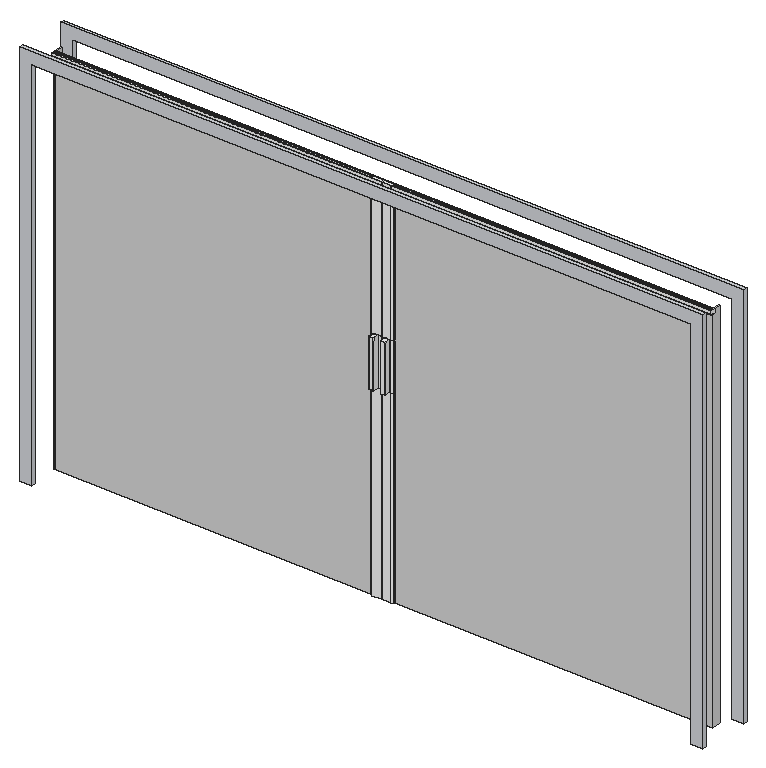
Revit family "Woodfold-Accordion-Door-Family-Series-3300-Acoustic", category Doors, host Wall, Revit 2026
Family settings
  Host = Wall
  Always vertical = Yes
  Cut with Voids When Loaded = No
  Shared = No
  Room Calculation Point = No
Parameters (values of type "8'-0" x 14'-0" Surface Track w/Keylock")
  URL = "www.woodfold.com"
  Type Comments = "Width: No limitation.  Height:Clear up to 10'-1\", Braonze and Gold up to 8'-1\""
  Track Material = Metal - Aluminum
  Surface Track = yes
  Surface Jamb = yes
  Stack Dimension = 0.05205 * Width + 0' 2 3/4"  # 0' - 11.4944"
  Sliding Jamb = no
  Recessed Track = no
  Panel Material = Woodfold - Aluminum - Clear
  Panel Connectors = "Rigid Vinyl with steel rods"
  Model = "740"
  Manufacturer = "Woodfold Mfg., Inc."
  Lead Post = Metal - Aluminum
  Hardware Type = "Keylock two-sides"
  Function = Interior
  Frame Visibility = yes
  Frame Projection Ext. = 0' - 1"
  Frame Projection Int. = 0' - 1"
  Frame Width = 0' - 3"
  Height = 8' - 0"
  Wall Closure = By host
  Width = 14' - 0"
  Description = "Alumifold security door"
  Assembly Code = ""
Reference planes (in)
  plane 1 "Center (Front/Back)": y = 0
  plane 2 "Center (Left/Right)": x = 0
  plane 3 "Left": x = -84
  plane 4 "Right": x = 84
  plane 5 "Top": z = 96
  plane 6 "Stack End": x = -72.5056
  plane 7 "Middle": z = 48
  plane 8: x = 72.5056
Forms (in)
  Extrusion 1, solid, visible <- "Frame Visibility"
    sketch origin (-90, 6, 0) x (-1, 0, 0) y (0, 0, 1)
      loop
        line (-174, 96) -> (-6, 96) -> (-6, 0) -> (-3, 0) -> (-3, 99) -> (-177, 99) -> (-177, 0) -> (-174, 0) -> (-174, 96)
    from 0 to 1
  Extrusion 2, solid, visible <- "Frame Visibility"
    sketch origin (-90, -6, 0) x (1, 0, 0) y (0, 0, 1)
      loop
        line (6, 0) -> (6, 96) -> (174, 96) -> (174, 0) -> (177, 0) -> (177, 99) -> (3, 99) -> (3, 0) -> (6, 0)
    from 0 to 1
  Extrusion 3, solid, material "Woodfold - Aluminum - Clear" <- "Panel Material"
    sketch origin (0, 0, 0) x (1, 0, 0) y (0, 1, 0)
      loop
        line (-83.75, 0.125) -> (-83.75, 2.22718) -> (-84, 2.22718) -> (-84, -0.125) -> (-2.97625, -0.125) -> (-2.97625, 0.125) -> (-83.75, 0.125)
    from 0.64608 to 96
  Extrusion 4, solid, not visible
    sketch origin (72, 0, 0) x (-1, 0, 0) y (0, -1, 0)
      loop
        line (73.03953, -0.25) -> (73.6875, -0.25) -> (73.46176, -1.60445)
        arc (73.46176, -1.60445) -> (73.48968, -1.7058) -> (73.58506, -1.75) r 0.125
        line (73.58506, -1.75) -> (74.53994, -1.75)
        arc (74.53994, -1.75) -> (74.63532, -1.7058) -> (74.66324, -1.60445) r 0.125
        line (74.66324, -1.60445) -> (74.4375, -0.25) -> (75.375, -0.25)
        arc (75.375, -0.25) -> (75.53781, -0.17869) -> (75.59324, -0.00981) r 0.21774
        arc (75.59324, -0.00981) -> (75.43033, -0.06273) -> (75.5, 0.09375) r 0.09375
        arc (75.5, 0.09375) -> (75.51562, 0.10937) -> (75.5, 0.125) r 0.01562
        line (75.5, 0.125) -> (75.41445, 0.125) -> (75.03945, 0.5) -> (74.4375, 0.5) -> (74.66324, 1.85445)
        arc (74.66324, 1.85445) -> (74.63532, 1.9558) -> (74.53994, 2) r 0.125
        line (74.53994, 2) -> (73.58506, 2)
        arc (73.58506, 2) -> (73.48968, 1.9558) -> (73.46176, 1.85445) r 0.125
        line (73.46176, 1.85445) -> (73.6875, 0.5) -> (73.03953, 0.5) -> (73.03953, 0.63818) -> (72.625, 0.63818) -> (72.625, -0.38818) -> (73.03953, -0.38818) -> (73.03953, -0.25)
    from 0.5 to 96
  Extrusion 5, solid, material "Woodfold - Aluminum - Clear" <- "Panel Material"
    sketch origin (0, 0, 0) x (-1, 0, 0) y (0, -1, 0)
      loop
        line (-83.75, -0.125) -> (-2.97625, -0.125) -> (-2.97625, 0.125) -> (-84, 0.125) -> (-84, -2.22718) -> (-83.75, -2.22718) -> (-83.75, -0.125)
    from 0.64608 to 96
  Extrusion 6, solid, material "Metal - Aluminum" <- "Lead Post"
    sketch origin (-36, 0, -0.02108) x (1, 0, 0) y (0, 1, 0)
      loop
        line (36, 0.25) -> (34.9375, 0.25) -> (35.16324, 1.60445)
        arc (35.16324, 1.60445) -> (35.13532, 1.7058) -> (35.03994, 1.75) r 0.125
        line (35.03994, 1.75) -> (34.08506, 1.75)
        arc (34.08506, 1.75) -> (33.98968, 1.7058) -> (33.96176, 1.60445) r 0.125
        line (33.96176, 1.60445) -> (34.1875, 0.25) -> (33.25, 0.25)
        arc (33.25, 0.25) -> (33.08719, 0.17869) -> (33.03176, 0.00981) r 0.21774
        arc (33.03176, 0.00981) -> (33.19467, 0.06273) -> (33.125, -0.09375) r 0.09375
        arc (33.125, -0.09375) -> (33.10937, -0.10937) -> (33.125, -0.125) r 0.01562
        line (33.125, -0.125) -> (33.21055, -0.125) -> (33.58555, -0.5) -> (34.1875, -0.5) -> (33.96176, -1.85445)
        arc (33.96176, -1.85445) -> (33.98968, -1.9558) -> (34.08506, -2) r 0.125
        line (34.08506, -2) -> (35.03994, -2)
        arc (35.03994, -2) -> (35.13532, -1.9558) -> (35.16324, -1.85445) r 0.125
        line (35.16324, -1.85445) -> (34.9375, -0.5) -> (36, -0.5) -> (36, 0.25)
    from 48.64608 to 60.64608
  Extrusion 7, solid, material "Metal - Aluminum" <- "Lead Post"
    sketch origin (-36, 0, -18.02108) x (1, 0, 0) y (0, 1, 0)
      loop
        arc (33.25, 0.25) -> (33.08719, 0.17869) -> (33.03176, 0.00981) r 0.21774
        arc (33.03176, 0.00981) -> (33.19467, 0.06273) -> (33.125, -0.09375) r 0.09375
        arc (33.125, -0.09375) -> (33.10937, -0.10937) -> (33.125, -0.125) r 0.01562
        line (33.125, -0.125) -> (33.21055, -0.125) -> (33.58555, -0.5) -> (36, -0.5) -> (36, 0.25) -> (33.25, 0.25)
    from 18.64608 to 66.64608
  Extrusion 8, solid, material "Metal - Aluminum" <- "Lead Post"
    sketch origin (-36, 0, 41.97892) x (1, 0, 0) y (0, 1, 0)
      loop
        arc (33.25, 0.25) -> (33.08719, 0.17869) -> (33.03176, 0.00981) r 0.21774
        arc (33.03176, 0.00981) -> (33.19467, 0.06273) -> (33.125, -0.09375) r 0.09375
        arc (33.125, -0.09375) -> (33.10937, -0.10937) -> (33.125, -0.125) r 0.01562
        line (33.125, -0.125) -> (33.21055, -0.125) -> (33.58555, -0.5) -> (36, -0.5) -> (36, 0.25) -> (33.25, 0.25)
    from 18.64608 to 54.02108
  Extrusion 9, solid, material "Metal - Aluminum" <- "Lead Post"
    sketch origin (36, 0, -0.02108) x (-1, 0, 0) y (0, -1, 0)
      loop
        line (36, -0.25) -> (36, 0.5) -> (34.9375, 0.5) -> (35.16324, 1.85445)
        arc (35.16324, 1.85445) -> (35.13532, 1.9558) -> (35.03994, 2) r 0.125
        line (35.03994, 2) -> (34.08506, 2)
        arc (34.08506, 2) -> (33.98968, 1.9558) -> (33.96176, 1.85445) r 0.125
        line (33.96176, 1.85445) -> (34.1875, 0.5) -> (33.58555, 0.5) -> (33.21055, 0.125) -> (33.125, 0.125)
        arc (33.125, 0.125) -> (33.10937, 0.10937) -> (33.125, 0.09375) r 0.01562
        arc (33.125, 0.09375) -> (33.19467, -0.06273) -> (33.03176, -0.00981) r 0.09375
        arc (33.03176, -0.00981) -> (33.08719, -0.17869) -> (33.25, -0.25) r 0.21774
        line (33.25, -0.25) -> (34.1875, -0.25) -> (33.96176, -1.60445)
        arc (33.96176, -1.60445) -> (33.98968, -1.7058) -> (34.08506, -1.75) r 0.125
        line (34.08506, -1.75) -> (35.03994, -1.75)
        arc (35.03994, -1.75) -> (35.13532, -1.7058) -> (35.16324, -1.60445) r 0.125
        line (35.16324, -1.60445) -> (34.9375, -0.25) -> (36, -0.25)
    from 48.64608 to 60.64608
  Extrusion 10, solid, material "Metal - Aluminum" <- "Lead Post"
    sketch origin (36, 0, -18.02108) x (-1, 0, 0) y (0, -1, 0)
      loop
        line (33.25, -0.25) -> (36, -0.25) -> (36, 0.5) -> (33.58555, 0.5) -> (33.21055, 0.125) -> (33.125, 0.125)
        arc (33.125, 0.125) -> (33.10937, 0.10937) -> (33.125, 0.09375) r 0.01562
        arc (33.125, 0.09375) -> (33.19467, -0.06273) -> (33.03176, -0.00981) r 0.09375
        arc (33.03176, -0.00981) -> (33.08719, -0.17869) -> (33.25, -0.25) r 0.21774
    from 18.64608 to 66.64608
  Extrusion 11, solid, material "Metal - Aluminum" <- "Lead Post"
    sketch origin (36, 0, 41.97892) x (-1, 0, 0) y (0, -1, 0)
      loop
        line (33.25, -0.25) -> (36, -0.25) -> (36, 0.5) -> (33.58555, 0.5) -> (33.21055, 0.125) -> (33.125, 0.125)
        arc (33.125, 0.125) -> (33.10937, 0.10937) -> (33.125, 0.09375) r 0.01562
        arc (33.125, 0.09375) -> (33.19467, -0.06273) -> (33.03176, -0.00981) r 0.09375
        arc (33.03176, -0.00981) -> (33.08719, -0.17869) -> (33.25, -0.25) r 0.21774
    from 18.64608 to 54.02108
  Sweep 12, solid, material "Metal - Aluminum" <- "Track Material", visible <- "Surface Track"
    path origin (0, 0, 0) x (1, 0, 0) y (0, 0, 1)
      loop
        line (84, 96) -> (-84, 96)
    profile origin (0, 0, 96) x (0, 0, -1) y (0, -1, 0)
      loop
        line (0.78289, -0.15789) -> (0.78289, 0.15789) -> (0.9375, 0.3125) -> (0.9375, 0.4375) -> (0.8125, 0.5625) -> (0, 0.5625) -> (0, -0.5625) -> (0.8125, -0.5625) -> (0.9375, -0.4375) -> (0.9375, -0.3125) -> (0.78289, -0.15789)
Lines and regions (in)
  Opening 1
    outline origin (-90, -6, 0) x (1, 0, 0) y (0, 0, 1)
      loop
        line (6, 0) -> (174, 0) -> (174, 96) -> (6, 96) -> (6, 0)
  symbolic lines, style "Elevation Swing"
    curve 1: line (0, 0, 0) -> (-84, 0, 48)
    curve 2: line (-84, 0, 48) -> (0, 0, 96)
    curve 3: line (0, 0, 96) -> (84, 0, 48)
    curve 4: line (84, 0, 48) -> (0, 0, 0)
Text (in)
  text "Exterior" at (-74.96733, 27.31104, 0), in view "Ref. Level"
  text "Interior" at (-74.96733, -25.14366, 0), in view "Ref. Level"
  text "Exterior" at (0, 40.15149, 123.01588), in view "Right"
  text "Interior" at (0, -64.39139, 123.01588), in view "Right"
  text "Interior" at (0, -31.01599, 123.00693), in view "Left"
  text "Exterior" at (0, 54.57065, 123.00693), in view "Left"
Dimensions and locks (in)
  equal spacing: plane 3 "Left", plane 2 "Center (Left/Right)", plane 4 "Right"
  "Height": level to plane 5 "Top"
  "Width": plane 3 "Left" to plane 4 "Right"
  "Frame Width": Extrusion 2 sketch curve to plane 3 "Left"
  "Frame Width": Extrusion 2 sketch curve to plane 4 "Right"
  "Frame Width": Extrusion 2 sketch curve to plane 5 "Top"
  "Frame Width": Extrusion 1 sketch curve to Extrusion 1 sketch curve  (x2)
  "Frame Width": Extrusion 1 sketch curve to plane 5 "Top"
  host wall to plane 5 "Top" = 8' - 0"
  "Frame Projection Int.": Extrusion 2 to host wall
  "Frame Projection Ext.": Extrusion 1 to host wall
  level to Extrusion 3 = 0' - 0.64608"
  "Stack Dimension": plane 3 "Left" to plane 6 "Stack End"
  equal spacing: level, plane 7 "Middle", plane 5 "Top"
  "Stack Dimension": plane 8 to plane 4 "Right"
  aligned and locked: plane 3 "Left" to Opening 1 sketch curve
  aligned and locked: plane 5 "Top" to Opening 1 sketch curve
  aligned and locked: Opening 1 sketch curve to plane 5 "Top"
  aligned and locked: Opening 1 sketch curve to plane 4 "Right"
  aligned and locked: Opening 1 sketch curve to level
  aligned and locked: Extrusion 1 sketch curve to plane 5 "Top"
  aligned and locked: plane 5 "Top" to Extrusion 1 sketch curve
  aligned and locked: plane 3 "Left" to Extrusion 1 sketch curve
  aligned and locked: Extrusion 1 sketch curve to plane 3 "Left"
  aligned and locked: level to Extrusion 1 sketch curve
  aligned and locked: plane 4 "Right" to Extrusion 1 sketch curve
  aligned and locked: Extrusion 1 to host wall
  aligned and locked: plane 3 "Left" to Extrusion 2 sketch curve
  aligned and locked: Extrusion 2 sketch curve to plane 5 "Top"
  aligned and locked: plane 5 "Top" to Extrusion 2 sketch curve
  aligned and locked: plane 4 "Right" to Extrusion 2 sketch curve  (x2)
  aligned and locked: level to Extrusion 2 sketch curve
  aligned and locked: Extrusion 2 sketch curve to level
  aligned and locked: Extrusion 2 to host wall
  aligned and locked: nested 1 to plane 3 "Left"
  aligned and locked: nested 2 to plane 6 "Stack End"
  aligned and locked: nested 3 to nested 2
  aligned and locked: nested 3 to plane 3 "Left"
  aligned and locked: plane 5 "Top" to nested 4
  aligned and locked: level to nested 4
  aligned and locked: Extrusion 3 to nested 4
  aligned and locked: level to nested 5
  aligned and locked: nested 6 to plane 3 "Left"
  aligned and locked: nested 9 to plane 4 "Right"
  aligned and locked: nested 8 to plane 4 "Right"
  aligned and locked: Extrusion 5 to plane 5 "Top"
  aligned and locked: Extrusion 3 to plane 5 "Top"
  aligned and locked: nested 8 to nested 7
  aligned and locked: plane 8 to nested 7
  aligned and locked: plane 5 "Top" to nested 5
  aligned and locked: Extrusion 6 to Extrusion 7
  aligned and locked: Extrusion 8 to Extrusion 6
  aligned and locked: Extrusion 8 to plane 5 "Top"
  aligned and locked: Extrusion 10 to Extrusion 9
  aligned and locked: Extrusion 9 to Extrusion 11
  aligned and locked: Extrusion 11 to plane 5 "Top"
  aligned and locked: Sweep 12 sketch curve to plane 5 "Top"
  aligned and locked: plane 4 "Right" to Sweep 12 sketch curve
  aligned and locked: plane 3 "Left" to Sweep 12 sketch curve
Automatic sketch dimensions
  Extrusion 4 sketch curve to Extrusion 4 sketch curve = 0' - 0.09324"
  Extrusion 4 sketch curve to Extrusion 4 sketch curve = 0' - 0.08555"
  Extrusion 4 sketch curve to Extrusion 4 sketch curve = 0' - 0.12335"
  Extrusion 4 sketch curve to Extrusion 4 sketch curve = 0' - 0.00165"
  Extrusion 4 sketch curve to Extrusion 4 sketch curve = 0' - 0 3/8"  (x2)
  Extrusion 4 sketch curve to Extrusion 4 sketch curve = 0' - 0 1/64"
  Extrusion 4 sketch curve to Extrusion 4 sketch curve = 0' - 0"  (x3)
  Extrusion 4 sketch curve to Extrusion 4 sketch curve = 0' - 0.71176"
  Extrusion 4 sketch curve to Extrusion 4 sketch curve = 0' - 0 15/16"
  Extrusion 4 sketch curve to Extrusion 4 sketch curve = 0' - 0 3/4"  (x3)
  Extrusion 4 sketch curve to Extrusion 4 sketch curve = 0' - 0.95488"  (x2)
  Extrusion 4 sketch curve to Extrusion 4 sketch curve = 0' - 0.1233"  (x3)
  Extrusion 4 sketch curve to Extrusion 4 sketch curve = 0' - 0.02055"  (x4)
  Extrusion 4 sketch curve to Extrusion 4 sketch curve = 0' - 0.37621"
  Extrusion 4 sketch curve to Extrusion 4 sketch curve = 0' - 0.60195"
  Extrusion 4 sketch curve to Extrusion 4 sketch curve = 0' - 0.13818"  (x2)
  Extrusion 4 sketch curve to Extrusion 4 sketch curve = 0' - 0.64797"  (x2)
  Extrusion 4 sketch curve to Extrusion 4 sketch curve = 0' - 0.41453"
  Extrusion 4 sketch curve to Extrusion 4 sketch curve = 0' - 1.21627"
  Extrusion 4 sketch curve to Extrusion 4 sketch curve = 0' - 0 3/32"
  Extrusion 4 sketch curve to Extrusion 4 sketch curve = 0' - 0.03226"
  Extrusion 4 sketch curve to Extrusion 4 sketch curve = 0' - 1.35445"
  Extrusion 1 sketch curve to level = 0' - 0"
  Extrusion 2 sketch curve to level = 0' - 0"
  Extrusion 3 sketch curve to plane 3 "Left" = 0' - 0"
  Extrusion 3 sketch curve to plane 3 "Left" = 0' - 0 1/4"
  host wall to Extrusion 3 sketch curve = 0' - 0 1/8"
  Extrusion 3 sketch curve to plane 2 "Center (Left/Right)" = 0' - 2.97625"
  Extrusion 3 sketch curve to host wall = 0' - 0 1/8"
  Extrusion 3 sketch curve to Extrusion 3 sketch curve = 0' - 2.10218"
  curve 1 to plane 3 "Left" = 0' - 0"
  curve 2 to plane 2 "Center (Left/Right)" = 0' - 0"
  curve 4 to level = 0' - 0"
  curve 4 to plane 2 "Center (Left/Right)" = 0' - 0"
  curve 4 to plane 4 "Right" = 0' - 0"
  curve 2 to plane 7 "Middle" = 0' - 0"
  curve 4 to plane 7 "Middle" = 0' - 0"
  curve 3 to plane 5 "Top" = 0' - 0"
  Extrusion 5 sketch curve to plane 4 "Right" = 0' - 0"
  Extrusion 5 sketch curve to Extrusion 5 sketch curve = 0' - 0 1/4"
  Extrusion 5 sketch curve to host wall = 0' - 0 1/8"
  Extrusion 5 sketch curve to plane 2 "Center (Left/Right)" = 0' - 2.97625"
  host wall to Extrusion 5 sketch curve = 0' - 0 1/8"
  Extrusion 5 sketch curve to Extrusion 5 sketch curve = 0' - 2.10218"
  Extrusion 6 sketch curve to host wall = 0' - 0"
  Extrusion 6 sketch curve to plane 2 "Center (Left/Right)" = 0' - 0"
  Extrusion 6 sketch curve to plane 2 "Center (Left/Right)" = 0' - 0.83676"  (x2)
  Extrusion 6 sketch curve to Extrusion 6 sketch curve = 0' - 0.1233"  (x4)
  Extrusion 6 sketch curve to host wall = 0' - 0 1/4"  (x2)
  Extrusion 6 sketch curve to Extrusion 6 sketch curve = 0' - 1 1/16"
  host wall to Extrusion 6 sketch curve = 0' - 0 1/2"  (x2)
  Extrusion 6 sketch curve to Extrusion 6 sketch curve = 0' - 0"  (x4)
  Extrusion 6 sketch curve to Extrusion 6 sketch curve = 0' - 0 3/4"
  Extrusion 6 sketch curve to Extrusion 6 sketch curve = 0' - 0.95488"  (x2)
  Extrusion 6 sketch curve to Extrusion 6 sketch curve = 0' - 0.60195"
  Extrusion 6 sketch curve to Extrusion 6 sketch curve = 0' - 0.33555"
  Extrusion 6 sketch curve to host wall = 0' - 0.03226"
  Extrusion 6 sketch curve to Extrusion 6 sketch curve = 0' - 0.00165"
  Extrusion 6 sketch curve to Extrusion 6 sketch curve = 0' - 0.0378"
  Extrusion 6 sketch curve to Extrusion 6 sketch curve = 0' - 0.08555"
  Extrusion 6 sketch curve to host wall = 0' - 0.00981"
  Extrusion 6 sketch curve to Extrusion 6 sketch curve = 0' - 1.35445"  (x2)
  Extrusion 6 sketch curve to Extrusion 6 sketch curve = 0' - 0.02055"  (x2)
  Extrusion 6 sketch curve to Extrusion 6 sketch curve = 0' - 0 1/32"
  Extrusion 6 sketch curve to Extrusion 6 sketch curve = 0' - 0 1/64"
  Extrusion 7 sketch curve to host wall = 0' - 0"
  Extrusion 7 sketch curve to plane 2 "Center (Left/Right)" = 0' - 0"
  host wall to Extrusion 7 sketch curve = 0' - 0 1/2"
  Extrusion 7 sketch curve to Extrusion 7 sketch curve = 0' - 2.41445"
  Extrusion 7 sketch curve to host wall = 0' - 0 1/4"
  Extrusion 7 sketch curve to Extrusion 7 sketch curve = 0' - 0.33555"
  Extrusion 7 sketch curve to host wall = 0' - 0.03226"
  Extrusion 7 sketch curve to Extrusion 7 sketch curve = 0' - 0.00165"
  host wall to Extrusion 7 sketch curve = 0' - 0 1/8"
  Extrusion 7 sketch curve to Extrusion 7 sketch curve = 0' - 0.0378"
  Extrusion 7 sketch curve to Extrusion 7 sketch curve = 0' - 0.08555"
  Extrusion 7 sketch curve to host wall = 0' - 0.00981"
  Extrusion 7 sketch curve to Extrusion 7 sketch curve = 0' - 0 1/64"
  Extrusion 8 sketch curve to host wall = 0' - 0"
  Extrusion 8 sketch curve to plane 2 "Center (Left/Right)" = 0' - 0"
  host wall to Extrusion 8 sketch curve = 0' - 0 1/2"
  Extrusion 8 sketch curve to Extrusion 8 sketch curve = 0' - 2.41445"
  Extrusion 8 sketch curve to host wall = 0' - 0 1/4"
  Extrusion 8 sketch curve to Extrusion 8 sketch curve = 0' - 0.33555"
  Extrusion 8 sketch curve to host wall = 0' - 0.03226"
  Extrusion 8 sketch curve to Extrusion 8 sketch curve = 0' - 0.00165"
  host wall to Extrusion 8 sketch curve = 0' - 0 1/8"
  Extrusion 8 sketch curve to Extrusion 8 sketch curve = 0' - 0.0378"
  Extrusion 8 sketch curve to Extrusion 8 sketch curve = 0' - 0.08555"
  Extrusion 8 sketch curve to host wall = 0' - 0.00981"
  Extrusion 8 sketch curve to Extrusion 8 sketch curve = 0' - 0 1/64"
  Extrusion 9 sketch curve to host wall = 0' - 0"
  Extrusion 9 sketch curve to plane 2 "Center (Left/Right)" = 0' - 0"
  plane 2 "Center (Left/Right)" to Extrusion 9 sketch curve = 0' - 0.83676"  (x2)
  Extrusion 9 sketch curve to Extrusion 9 sketch curve = 0' - 0.1233"  (x4)
  Extrusion 9 sketch curve to host wall = 0' - 0 1/4"  (x2)
  Extrusion 9 sketch curve to Extrusion 9 sketch curve = 0' - 1 1/16"
  host wall to Extrusion 9 sketch curve = 0' - 0 1/2"  (x2)
  Extrusion 9 sketch curve to Extrusion 9 sketch curve = 0' - 0"  (x4)
  Extrusion 9 sketch curve to Extrusion 9 sketch curve = 0' - 0 3/4"  (x2)
  Extrusion 9 sketch curve to Extrusion 9 sketch curve = 0' - 0.95488"  (x2)
  Extrusion 9 sketch curve to Extrusion 9 sketch curve = 0' - 0.60195"
  Extrusion 9 sketch curve to Extrusion 9 sketch curve = 0' - 0.33555"
  Extrusion 9 sketch curve to host wall = 0' - 0.03226"
  Extrusion 9 sketch curve to Extrusion 9 sketch curve = 0' - 0.00165"
  Extrusion 9 sketch curve to Extrusion 9 sketch curve = 0' - 0.0378"
  Extrusion 9 sketch curve to Extrusion 9 sketch curve = 0' - 0.08555"
  Extrusion 9 sketch curve to host wall = 0' - 0.00981"
  Extrusion 9 sketch curve to Extrusion 9 sketch curve = 0' - 1.35445"  (x2)
  Extrusion 9 sketch curve to Extrusion 9 sketch curve = 0' - 0.02055"  (x2)
  Extrusion 9 sketch curve to Extrusion 9 sketch curve = 0' - 0 1/64"
  Extrusion 10 sketch curve to host wall = 0' - 0"
  Extrusion 10 sketch curve to plane 2 "Center (Left/Right)" = 0' - 0"
  host wall to Extrusion 10 sketch curve = 0' - 0 1/2"
  Extrusion 10 sketch curve to Extrusion 10 sketch curve = 0' - 2.41445"
  Extrusion 10 sketch curve to host wall = 0' - 0 1/4"
  Extrusion 10 sketch curve to Extrusion 10 sketch curve = 0' - 0.33555"
  Extrusion 10 sketch curve to host wall = 0' - 0.03226"
  Extrusion 10 sketch curve to Extrusion 10 sketch curve = 0' - 0.00165"
  host wall to Extrusion 10 sketch curve = 0' - 0 1/8"
  Extrusion 10 sketch curve to Extrusion 10 sketch curve = 0' - 0.0378"
  Extrusion 10 sketch curve to Extrusion 10 sketch curve = 0' - 0.08555"
  Extrusion 10 sketch curve to host wall = 0' - 0.00981"
  Extrusion 10 sketch curve to Extrusion 10 sketch curve = 0' - 0"
  Extrusion 11 sketch curve to host wall = 0' - 0"
  Extrusion 11 sketch curve to plane 2 "Center (Left/Right)" = 0' - 0"
  host wall to Extrusion 11 sketch curve = 0' - 0 1/2"
  Extrusion 11 sketch curve to Extrusion 11 sketch curve = 0' - 2.41445"
  Extrusion 11 sketch curve to host wall = 0' - 0 1/4"
  Extrusion 11 sketch curve to Extrusion 11 sketch curve = 0' - 0.33555"
  Extrusion 11 sketch curve to host wall = 0' - 0.03226"
  Extrusion 11 sketch curve to Extrusion 11 sketch curve = 0' - 0.00165"
  host wall to Extrusion 11 sketch curve = 0' - 0 1/8"
  Extrusion 11 sketch curve to Extrusion 11 sketch curve = 0' - 0.0378"
  Extrusion 11 sketch curve to Extrusion 11 sketch curve = 0' - 0.08555"
  Extrusion 11 sketch curve to host wall = 0' - 0.00981"
  Extrusion 11 sketch curve to Extrusion 11 sketch curve = 0' - 0"
  Sweep 12 sketch curve to profile plane = 0' - 0"
  Sweep 12 sketch curve to profile plane = 0' - 0.15789"
  Sweep 12 sketch curve to profile plane = 0' - 0.78289"
  Sweep 12 sketch curve to Sweep 12 sketch curve = 0' - 0.02961"  (x2)
  Sweep 12 sketch curve to profile plane = 0' - 0 7/16"
  Sweep 12 sketch curve to Sweep 12 sketch curve = 0' - 0 1/8"  (x5)
  Sweep 12 sketch curve to profile plane = 0' - 0 9/16"
  profile plane to Sweep 12 sketch curve = 0' - 0.15789"
  Sweep 12 sketch curve to Sweep 12 sketch curve = 0' - 0.15461"
Nested families (in)
  nested 1: "Detail - Jamb Plate" at (-84, 0, 0) x (0, 1, 0) z (0, 0, 1), visible <- "Surface Jamb", type "Detail - Jamb Plate"
  nested 2: "Detail Lead Post" at (-75.17005, -0.125, 0), type "Detail Lead Post", detail levels medium+fine
  nested 3: "Detail - Stacked Panels" at (-84, 0, 0), type "Detail - Stacked Panels"
    with built-in parameter 1001306 0.7287 (stored number, unit not read)
  nested 4: "Detail - Panel Section" at (0, 0, 96) x (0, 0, -1) z (1, 0, 0), visible <- "Surface Track", type "Detail - Panel Section"
    with Panel Finish yes, built-in parameter 1001306 8 (stored number, unit not read)
  nested 5: "Detail - Panel Section - Recessed Track" at (0, 0, 96) x (0, 0, -1) z (1, 0, 0), visible <- "Recessed Track", type "Detail - Panel Section"
    with Panel Finish yes, built-in parameter 1001306 8 (stored number, unit not read)
  nested 6: "Detail - Recessed Jamb" at (-84, -0.13103, 0), visible <- "Sliding Jamb", type "Detail - Recessed Jamb"
  nested 7: "Detail Lead Post" at (75.29505, -0.125, 0) x (-1, 0, 0) z (0, 0, 1), type "Detail Lead Post", detail levels medium+fine
  nested 8: "Detail - Stacked Panels" at (84, 0, 0) x (-1, 0, 0) z (0, 0, 1), type "Detail - Stacked Panels"
    with built-in parameter 1001306 0.71828 (stored number, unit not read)
  nested 9: "Detail - Recessed Jamb" at (84, -0.13103, 0) x (-1, 0, 0) z (0, 0, 1), visible <- "Sliding Jamb", type "Detail - Recessed Jamb"
Definition of nested family "Detail - Jamb Plate"
  Parameters
    Assembly Code = ""
  Reference planes (in)
    plane 1 "Center (Front/Back)": y = 0
    plane 2: z = 0
    plane 3 "Center (Left/Right)": x = 0
  Lines and regions (in)
    Filled region 1, type "Steel", in view "Ref. Level"
      outline origin (0, 0, 0) x (1, 0, 0) y (0, 1, 0)
        loop
          line (0, 0) -> (1.75, 0) -> (1.75, 0.25) -> (0, 0.25) -> (0, 0)
  Nested families (in)
    nested 1: "Wood Screw" at (0.875, -0.75, 0), type "Wood Screw", in view "Ref. Level"
  Definition of nested family "Wood Screw"
    Parameters
      Length = 0' - 1"
    Reference planes (in)
      plane 1 "Center (Front/Back)": y = 0
      plane 2: z = 0
      plane 3 "Center (Left/Right)": x = 0
      plane 4: y = 1
      plane 5: y = 0.875
    Lines and regions (in)
      detail lines, in view "Ref. Level"
        curve 1: line (-0.1875, 1, 0) -> (0.1875, 1, 0)
        curve 2: line (0.1875, 1, 0) -> (0.0625, 0.875, 0)
        curve 3: line (0.0625, 0.875, 0) -> (0.0625, 0.0625, 0)
        curve 4: line (0.0625, 0.0625, 0) -> (0, 0, 0)
        curve 5: line (-0.1875, 1, 0) -> (-0.0625, 0.875, 0)
        curve 6: line (-0.0625, 0.875, 0) -> (-0.0625, 0.0625, 0)
        curve 7: line (-0.0625, 0.0625, 0) -> (0, 0, 0)
      detail lines, in view "Ref. Level", not visible
        curve 8: line (-0.1875, 0.9375, 0) -> (0.1875, 0.9375, 0)
        curve 9: line (0.1875, 0.9375, 0) -> (0.0625, 0.8125, 0)
        curve 10: line (-0.1875, 0.9375, 0) -> (-0.0625, 0.8125, 0)
    Dimensions and locks (in)
      locked: plane 4 to plane 5 at 0.125
      "Length": plane 4 to plane 1 "Center (Front/Back)"
      aligned and locked: curve 1 to plane 4
      aligned and locked: plane 5 to curve 3
      aligned and locked: plane 5 to curve 6
    Automatic sketch dimensions
      curve 4 to plane 1 "Center (Front/Back)" = 0' - 0"
      curve 4 to plane 3 "Center (Left/Right)" = 0' - 0"
      curve 6 to plane 3 "Center (Left/Right)" = 0' - 0 1/16"
      plane 3 "Center (Left/Right)" to curve 4 = 0' - 0 1/16"
      curve 4 to plane 1 "Center (Front/Back)" = 0' - 0 1/16"
Definition of nested family "Detail Lead Post"
  Parameters
    Assembly Code = ""
  Reference planes (in)
    plane 1 "Center (Front/Back)": y = 0
    plane 2: z = 0
    plane 3 "Center (Left/Right)": x = 0
    plane 4 "Hinge Side": x = -0.08555
    plane 5 "Jamb Side": x = 2.78945
    plane 6: x = 2.66445
  Lines and regions (in)
    Filled region 1, type "Concrete Block", in view "Ref. Level"
      outline origin (0, 0, 0) x (1, 0, 0) y (0, 1, 0)
        loop
          line (2.66445, 0.375) -> (0.03945, 0.375)
          arc (0.03945, 0.375) -> (-0.12336, 0.30369) -> (-0.17879, 0.13481) r 0.21774
          arc (-0.17879, 0.13481) -> (-0.01588, 0.18773) -> (-0.08555, 0.03125) r 0.09375
          arc (-0.08555, 0.03125) -> (-0.10118, 0.01562) -> (-0.08555, 0) r 0.01562
          line (-0.08555, 0) -> (0, 0) -> (0.375, -0.375) -> (2.66445, -0.375) -> (2.66445, 0.375)
        loop
          line (0.12172, 0.05506) -> (0.42678, -0.25) -> (2.53945, -0.25) -> (2.53945, 0.25) -> (0.09397, 0.25)
          arc (0.09397, 0.25) -> (0.13102, 0.15583) -> (0.12172, 0.05506) r 0.21875
    detail lines, in view "Ref. Level"
      curve 1: line (0.97695, 0.375, 0) -> (0.75121, 1.72945, 0)
      curve 2: line (1.82939, 1.875, 0) -> (0.87451, 1.875, 0)
      curve 3: line (1.72695, 0.375, 0) -> (1.95269, 1.72945, 0)
      curve 4: line (0.97695, -0.375, 0) -> (0.75121, -1.72945, 0)
      curve 5: line (1.82939, -1.875, 0) -> (0.87451, -1.875, 0)
      curve 6: line (1.72695, -0.375, 0) -> (1.95269, -1.72945, 0)
      curve 7: arc (0.75121, -1.72945, 0) -> (0.77913, -1.8308, 0) -> (0.87451, -1.875, 0) r 0.125
      curve 8: arc (1.82939, -1.875, 0) -> (1.92477, -1.8308, 0) -> (1.95269, -1.72945, 0) r 0.125
      curve 9: arc (0.75121, 1.72945, 0) -> (0.77913, 1.8308, 0) -> (0.87451, 1.875, 0) r 0.125
      curve 10: arc (1.95269, 1.72945, 0) -> (1.92477, 1.8308, 0) -> (1.82939, 1.875, 0) r 0.125
      curve 11: line (2.66445, 0.375, 0) -> (0.03945, 0.375, 0)
      curve 12: arc (0.03945, 0.375, 0) -> (-0.12336, 0.30369, 0) -> (-0.17879, 0.13481, 0) r 0.21774
      curve 13: arc (-0.17879, 0.13481, 0) -> (-0.01588, 0.18773, 0) -> (-0.08555, 0.03125, 0) r 0.09375
      curve 14: arc (-0.08555, 0.03125, 0) -> (-0.10118, 0.01562, 0) -> (-0.08555, 0, 0) r 0.01562
      curve 15: line (-0.08555, 0, 0) -> (0, 0, 0)
      curve 16: line (0, 0, 0) -> (0.375, -0.375, 0)
      curve 17: line (0.375, -0.375, 0) -> (2.66445, -0.375, 0)
      curve 18: line (2.66445, -0.375, 0) -> (2.66445, 0.375, 0)
Definition of nested family "Detail - Stacked Panels"
  Parameters
    built-in parameter 1001306 [instance] = 2' - 0"
    Assembly Code = ""
  Reference planes (in)
    plane 1 "Center (Front/Back)": y = 0
    plane 2: z = 0
    plane 3 "Left": x = 0
    plane 4 "Right": x = 24
    plane 5: x = 0.25
  Lines and regions (in)
    Filled region 1, type "Panel Lines", in view "Ref. Level"
      outline origin (0.25, 0, 0) x (1, 0, 0) y (0, 1, 0)
        loop
          line (0, 2.25) -> (0, -2.25) -> (23.5, -2.25) -> (23.5, 2.25) -> (0, 2.25)
    Filled region 2, type "Panel Lines", in view "Ref. Level"
      outline origin (0, 0, 0) x (1, 0, 0) y (0, 1, 0)
        loop
          line (0.25, 2.25) -> (0.25, 0) -> (0, 0) -> (0, -2.25) -> (24, -2.25) -> (24, 0) -> (23.75, 0) -> (23.75, 2.25) -> (0.25, 2.25)
    reference lines, in view "Ref. Level"
      curve 1: line (0, 0, 0) -> (24, 0, 0)
      curve 2: line (0.25, -4, 0) -> (24, -4, 0)
    detail lines, in view "Ref. Level"
      curve 3: circle (24, 0, 0) r 0.125 normal (0, 0, 1)
  Dimensions and locks (in)
    "built-in parameter 1001306": plane 3 "Left" to plane 4 "Right"
    aligned and locked: plane 1 "Center (Front/Back)" to curve 1
    aligned and locked: plane 3 "Left" to curve 1
    aligned and locked: plane 5 to curve 2
    aligned and locked: plane 4 "Right" to curve 2
    aligned and locked: Filled region 1 to Filled region 2
    aligned and locked: plane 3 "Left" to Filled region 2 sketch curve
    aligned and locked: Filled region 2 sketch curve to plane 5
    aligned and locked: Filled region 1 to plane 5
  Automatic sketch dimensions
    curve 1 to plane 4 "Right" = 0' - 0"
    plane 1 "Center (Front/Back)" to curve 2 = 0' - 4"
    plane 5 to Filled region 1 sketch curve = 0' - 0"
    plane 4 "Right" to Filled region 1 sketch curve = 0' - 0 1/4"
    plane 1 "Center (Front/Back)" to Filled region 1 sketch curve = 0' - 2 1/4"
    Filled region 1 sketch curve to plane 1 "Center (Front/Back)" = 0' - 2 1/4"
    curve 3 to plane 1 "Center (Front/Back)" = 0' - 0"
    curve 3 to plane 4 "Right" = 0' - 0"
    Filled region 2 sketch curve to plane 1 "Center (Front/Back)" = 0' - 0"  (x2)
    Filled region 2 sketch curve to plane 4 "Right" = 0' - 0"
    plane 4 "Right" to Filled region 2 sketch curve = 0' - 0 1/4"
    Filled region 2 sketch curve to Filled region 2 sketch curve = 0' - 2 1/4"  (x2)
    radius of curve 3 = 0' - 0 1/8"
Definition of nested family "Detail - Panel Section"
  Parameters
    Panel Finish [instance] = yes
    built-in parameter 1001306 [instance] = 4' - 0"
  Reference planes (in)
    plane 1 "Center (Front/Back)": y = 0
    plane 2: z = 0
    plane 3 "Left": x = 0
    plane 4 "Right": x = 48
    plane 5: x = 46.955
  Lines and regions (in)
    Filled region 1, type "Wood - Finish", in view "Ref. Level", visible <- "Panel Finish"
      outline origin (-14.66362, 0, 0) x (0, 1, 0) y (-1, 0, 0)
        loop
          line (-2.22816, -16.27095) -> (-2.22816, -61.61862) -> (2.2317, -61.61862) -> (2.2317, -16.27095) -> (-2.22816, -16.27095)
    reference lines, in view "Ref. Level"
      curve 1: line (0, 0, 0) -> (48, 0, 0)
    detail lines, in view "Ref. Level"
      curve 2: arc (1.1875, -2.199, 0) -> (1.15228, -2.28802, 0) -> (1.1875, -2.37703, 0) r 0.13011
      curve 3: line (1.20858, -2.21839, 0) -> (1.20858, -2.35623, 0)
      curve 4: line (1.20858, -2.28816, 0) -> (1.52613, -2.28816, 0)
      curve 5: arc (1.48757, -2.22839, 0) -> (1.54757, -2.29208, 0) -> (1.60733, -2.22816, 0) r 0.06
      curve 6: line (1.2475, -2.25816, 0) -> (1.49343, -2.25816, 0)
      curve 7: line (1.48757, -2.22839, 0) -> (1.20858, -2.22816, 0)
      curve 8: line (46.99371, -2.28816, 0) -> (1.56879, -2.28816, 0)
      curve 9: line (46.96101, -2.25816, 0) -> (1.60149, -2.25816, 0)
      curve 10: line (1.48739, -2.17209, 0) -> (1.48739, -2.22839, 0)
      curve 11: line (1.1875, -2.17209, 0) -> (1.48739, -2.17209, 0)
      curve 12: line (1.1875, -2.40479, 0) -> (1.1875, 2.40479, 0)
      curve 13: arc (1.60733, -1.14507, 0) -> (1.58503, -1.18941, 0) -> (1.60733, -1.23375, 0) r 0.05523
      curve 14: arc (1.60733, -0.39507, 0) -> (1.58503, -0.43941, 0) -> (1.60733, -0.48375, 0) r 0.05523
      curve 15: arc (1.60733, 0.47493, 0) -> (1.58503, 0.43059, 0) -> (1.60733, 0.38625, 0) r 0.05523
      curve 16: arc (1.60733, 1.22493, 0) -> (1.58503, 1.18059, 0) -> (1.60733, 1.13625, 0) r 0.05523
      curve 17: arc (1.60733, 2.11585, 0) -> (1.59138, 2.14854, 0) -> (1.5575, 2.16176, 0) r 0.05
      curve 18: line (1.1875, 2.16176, 0) -> (1.5575, 2.16176, 0)
      curve 19: arc (1.48739, 1.34792, 0) -> (1.54739, 1.40792, 0) -> (1.48739, 1.46792, 0) r 0.06
      curve 20: arc (1.48739, 1.46792, 0) -> (1.42739, 1.40792, 0) -> (1.48739, 1.34792, 0) r 0.06
      curve 21: arc (1.48739, -1.44643, 0) -> (1.54739, -1.38643, 0) -> (1.48739, -1.32643, 0) r 0.06
      curve 22: arc (1.48739, -1.32643, 0) -> (1.42739, -1.38643, 0) -> (1.48739, -1.44643, 0) r 0.06
      curve 23: arc (1.1875, 2.199, 0) -> (1.15228, 2.28802, 0) -> (1.1875, 2.37703, 0) r 0.13011
      curve 24: line (1.20858, 2.21839, 0) -> (1.20858, 2.35623, 0)
      curve 25: line (1.20858, 2.29161, 0) -> (47.35392, 2.29161, 0)
      curve 26: line (1.24866, 2.26161, 0) -> (47.32358, 2.26161, 0)
      curve 27: line (1.60733, 2.22816, 0) -> (1.20858, 2.22816, 0)
      curve 28: arc (47.375, -2.199, 0) -> (47.41022, -2.28802, 0) -> (47.375, -2.37703, 0) r 0.13011
      curve 29: line (47.35392, -2.21839, 0) -> (47.35392, -2.35623, 0)
      curve 30: line (47.35392, -2.28816, 0) -> (47.03637, -2.28816, 0)
      curve 31: arc (47.07493, -2.22839, 0) -> (47.01689, -2.29205, 0) -> (46.95504, -2.23208, 0) r 0.06
      curve 32: line (47.315, -2.25816, 0) -> (47.06907, -2.25816, 0)
      curve 33: line (47.07493, -2.22839, 0) -> (47.35392, -2.22816, 0)
      curve 34: line (47.07511, -2.17209, 0) -> (47.07511, -2.22839, 0)
      curve 35: line (47.375, -2.17209, 0) -> (47.07511, -2.17209, 0)
      curve 36: line (47.375, -2.40479, 0) -> (47.375, 2.40479, 0)
      curve 37: arc (46.955, -1.14495, 0) -> (46.97747, -1.18941, 0) -> (46.955, -1.23387, 0) r 0.05523
      curve 38: arc (46.955, -0.39495, 0) -> (46.97747, -0.43941, 0) -> (46.955, -0.48387, 0) r 0.05523
      curve 39: arc (46.955, 0.47505, 0) -> (46.97747, 0.43059, 0) -> (46.955, 0.38613, 0) r 0.05523
      curve 40: arc (46.955, 1.22505, 0) -> (46.97747, 1.18059, 0) -> (46.955, 1.13613, 0) r 0.05523
      curve 41: arc (46.955, 2.11176, 0) -> (46.96964, 2.14712, 0) -> (47.005, 2.16176, 0) r 0.05
      curve 42: line (47.375, 2.16176, 0) -> (47.005, 2.16176, 0)
      curve 43: arc (47.07511, 1.34792, 0) -> (47.01511, 1.40792, 0) -> (47.07511, 1.46792, 0) r 0.06
      curve 44: arc (47.07511, 1.46792, 0) -> (47.13511, 1.40792, 0) -> (47.07511, 1.34792, 0) r 0.06
      curve 45: arc (47.07511, -1.44643, 0) -> (47.01511, -1.38643, 0) -> (47.07511, -1.32643, 0) r 0.06
      curve 46: arc (47.07511, -1.32643, 0) -> (47.13511, -1.38643, 0) -> (47.07511, -1.44643, 0) r 0.06
      curve 47: arc (47.375, 2.199, 0) -> (47.41022, 2.28802, 0) -> (47.375, 2.37703, 0) r 0.13011
      curve 48: line (47.35392, 2.21839, 0) -> (47.35392, 2.35623, 0)
      curve 49: line (47.35392, 2.22816, 0) -> (46.955, 2.22816, 0)
      curve 94: line (48, -2.40479, 0) -> (48, 2.34521, 0)
      curve 96: line (46.955, -2.23208, 0) -> (46.955, 2.11176, 0)
      curve 98: line (1.60733, -2.22816, 0) -> (1.60733, 2.11585, 0)
    detail lines, in view "Ref. Level", not visible
      curve 50: arc (0, -2.199, 0) -> (-0.03522, -2.28802, 0) -> (0, -2.37703, 0) r 0.13011
      curve 51: line (0.02108, -2.21839, 0) -> (0.02108, -2.35623, 0)
      curve 52: line (0.02108, -2.28816, 0) -> (0.33863, -2.28816, 0)
      curve 53: arc (0.30007, -2.22839, 0) -> (0.36007, -2.29208, 0) -> (0.41983, -2.22816, 0) r 0.06
      curve 54: line (0.06, -2.25816, 0) -> (0.30593, -2.25816, 0)
      curve 55: line (0.30007, -2.22839, 0) -> (0.02108, -2.22816, 0)
      curve 56: line (0.29989, -2.17209, 0) -> (0.29989, -2.22839, 0)
      curve 57: line (0, -2.17209, 0) -> (0.29989, -2.17209, 0)
      curve 58: line (0, -2.40479, 0) -> (0, 2.40479, 0)
      curve 59: arc (0.41983, -1.14507, 0) -> (0.39753, -1.18941, 0) -> (0.41983, -1.23375, 0) r 0.05523
      curve 60: arc (0.41983, -0.39507, 0) -> (0.39753, -0.43941, 0) -> (0.41983, -0.48375, 0) r 0.05523
      curve 61: arc (0.41983, 0.47493, 0) -> (0.39753, 0.43059, 0) -> (0.41983, 0.38625, 0) r 0.05523
      curve 62: arc (0.41983, 1.22493, 0) -> (0.39753, 1.18059, 0) -> (0.41983, 1.13625, 0) r 0.05523
      curve 63: arc (0.41983, 2.11585, 0) -> (0.40388, 2.14854, 0) -> (0.37, 2.16176, 0) r 0.05
      curve 64: line (0, 2.16176, 0) -> (0.37, 2.16176, 0)
      curve 65: arc (0.29989, 1.34792, 0) -> (0.35989, 1.40792, 0) -> (0.29989, 1.46792, 0) r 0.06
      curve 66: arc (0.29989, 1.46792, 0) -> (0.23989, 1.40792, 0) -> (0.29989, 1.34792, 0) r 0.06
      curve 67: arc (0.29989, -1.44643, 0) -> (0.35989, -1.38643, 0) -> (0.29989, -1.32643, 0) r 0.06
      curve 68: arc (0.29989, -1.32643, 0) -> (0.23989, -1.38643, 0) -> (0.29989, -1.44643, 0) r 0.06
      curve 69: arc (0, 2.199, 0) -> (-0.03522, 2.28802, 0) -> (0, 2.37703, 0) r 0.13011
      curve 70: line (0.02108, 2.21839, 0) -> (0.02108, 2.35623, 0)
      curve 71: line (0.41983, 2.22816, 0) -> (0.02108, 2.22816, 0)
      curve 72: arc (8.68994, -2.199, 0) -> (8.72516, -2.28802, 0) -> (8.68994, -2.37703, 0) r 0.13011
      curve 73: line (8.66886, -2.21839, 0) -> (8.66886, -2.35623, 0)
      curve 74: line (8.66886, -2.28816, 0) -> (8.35131, -2.28816, 0)
      curve 75: arc (8.38987, -2.22839, 0) -> (8.33183, -2.29205, 0) -> (8.26998, -2.23208, 0) r 0.06
      curve 76: line (8.62994, -2.25816, 0) -> (8.38402, -2.25816, 0)
      curve 77: line (8.38987, -2.22839, 0) -> (8.66886, -2.22816, 0)
      curve 78: line (8.39005, -2.17209, 0) -> (8.39005, -2.22839, 0)
      curve 79: line (8.68994, -2.17209, 0) -> (8.39005, -2.17209, 0)
      curve 80: line (8.68994, -2.40479, 0) -> (8.68994, 2.40479, 0)
      curve 81: arc (8.26994, -1.14495, 0) -> (8.29241, -1.18941, 0) -> (8.26994, -1.23387, 0) r 0.05523
      curve 82: arc (8.26994, -0.39495, 0) -> (8.29241, -0.43941, 0) -> (8.26994, -0.48387, 0) r 0.05523
      curve 83: arc (8.26994, 0.47505, 0) -> (8.29241, 0.43059, 0) -> (8.26994, 0.38613, 0) r 0.05523
      curve 84: arc (8.26994, 1.22505, 0) -> (8.29241, 1.18059, 0) -> (8.26994, 1.13613, 0) r 0.05523
      curve 85: arc (8.26994, 2.11176, 0) -> (8.28459, 2.14712, 0) -> (8.31994, 2.16176, 0) r 0.05
      curve 86: line (8.68994, 2.16176, 0) -> (8.31994, 2.16176, 0)
      curve 87: arc (8.39005, 1.34792, 0) -> (8.33005, 1.40792, 0) -> (8.39005, 1.46792, 0) r 0.06
      curve 88: arc (8.39005, 1.46792, 0) -> (8.45005, 1.40792, 0) -> (8.39005, 1.34792, 0) r 0.06
      curve 89: arc (8.39005, -1.44643, 0) -> (8.33005, -1.38643, 0) -> (8.39005, -1.32643, 0) r 0.06
      curve 90: arc (8.39005, -1.32643, 0) -> (8.45005, -1.38643, 0) -> (8.39005, -1.44643, 0) r 0.06
      curve 91: arc (8.68994, 2.199, 0) -> (8.72516, 2.28802, 0) -> (8.68994, 2.37703, 0) r 0.13011
      curve 92: line (8.66886, 2.21839, 0) -> (8.66886, 2.35623, 0)
      curve 93: line (8.66886, 2.22816, 0) -> (8.26994, 2.22816, 0)
      curve 95: line (9.31494, -2.40479, 0) -> (9.31494, 2.34521, 0)
      curve 97: line (8.26994, -2.23208, 0) -> (8.26994, 2.11176, 0)
      curve 99: line (0.41983, -2.22816, 0) -> (0.41983, 2.11585, 0)
  Dimensions and locks (in)
    "built-in parameter 1001306": plane 3 "Left" to plane 4 "Right"
    locked: plane 5 to plane 4 "Right" at 1.045
    aligned and locked: plane 1 "Center (Front/Back)" to curve 1
    aligned and locked: plane 4 "Right" to curve 1
    aligned and locked: plane 3 "Left" to curve 1
    aligned and locked: curve 94 to plane 4 "Right"
    aligned and locked: Filled region 1 to plane 5
    aligned and locked: Filled region 1 to curve 98
    aligned and locked: curve 24 to curve 25
    aligned and locked: curve 8 to curve 4
  Automatic sketch dimensions
    plane 1 "Center (Front/Back)" to Filled region 1 sketch curve = 0' - 2.22816"
    Filled region 1 sketch curve to plane 1 "Center (Front/Back)" = 0' - 2.2317"
    plane 3 "Left" to Filled region 1 sketch curve = 3' - 10.955"
    plane 3 "Left" to Filled region 1 sketch curve = 0' - 1.60733"
    curve 38 to curve 39 = 0' - 0"
    curve 40 to curve 39 = 0' - 0"
    curve 38 to curve 37 = 0' - 0"
    curve 49 to curve 40 = 0' - 0"
    curve 37 to curve 37 = 0' - 0.03276"
    curve 49 to curve 41 = 0' - 0"
    curve 37 to curve 31 = 0' - 0.00004"
    curve 41 to curve 41 = 0' - 0.05"
    curve 42 to curve 41 = 0' - 0"
    curve 31 to curve 30 = 0' - 0.02133"
    curve 30 to curve 32 = 0' - 0.0327"
    curve 32 to curve 33 = 0' - 0.00585"
    curve 37 to curve 46 = 0' - 0.12011"
    curve 40 to curve 43 = 0' - 0.12011"
    curve 31 to curve 35 = 0' - 0.00018"
    curve 42 to curve 47 = 0' - 0.27511"
    curve 32 to curve 28 = 0' - 0.21103"
    curve 28 to curve 32 = 0' - 0.03489"
    curve 47 to curve 48 = 0' - 0.07381"
    curve 32 to curve 29 = 0' - 0.03892"
    curve 29 to curve 28 = 0' - 0.02108"
    curve 47 to curve 94 = 0' - 0 5/8"
    curve 36 to curve 94 = 0' - 0"
    curve 36 to curve 28 = 0' - 0.02776"
    curve 28 to curve 29 = 0' - 0.0208"
    curve 29 to curve 30 = 0' - 0.06807"
    curve 30 to curve 28 = 0' - 0.00014"
    curve 30 to curve 32 = 0' - 0.03"
    curve 31 to curve 34 = 0' - 0"
    curve 33 to curve 29 = 0' - 0.00977"
    curve 34 to curve 34 = 0' - 0.0563"
    curve 34 to curve 46 = 0' - 0.72566"
    curve 45 to curve 45 = 0' - 0.06"
    curve 45 to curve 37 = 0' - 0.09256"
    curve 37 to curve 37 = 0' - 0.04446"
    curve 37 to curve 38 = 0' - 0.66108"
    curve 38 to curve 38 = 0' - 0.04446"
    curve 38 to curve 39 = 0' - 0.78108"
    curve 39 to curve 39 = 0' - 0.04446"
    curve 39 to curve 40 = 0' - 0.66108"
    curve 40 to curve 40 = 0' - 0.04446"
    curve 40 to curve 43 = 0' - 0.12287"
    curve 43 to curve 44 = 0' - 0.06"
    curve 43 to curve 41 = 0' - 0.64384"
    curve 41 to curve 42 = 0' - 0"
    curve 42 to curve 47 = 0' - 0.03724"
    curve 47 to curve 48 = 0' - 0.01939"
    curve 42 to curve 49 = 0' - 0 17/256"
    curve 49 to curve 47 = 0' - 0.05986"
    curve 94 to curve 47 = 0' - 0.03183"
    curve 48 to curve 47 = 0' - 0.0208"
    curve 47 to curve 36 = 0' - 0.02776"
    curve 82 to curve 83 = 0' - 0"
    curve 84 to curve 83 = 0' - 0"
    curve 82 to curve 81 = 0' - 0"
    curve 93 to curve 84 = 0' - 0"
    curve 81 to curve 81 = 0' - 0.03276"
    curve 93 to curve 85 = 0' - 0"
    curve 81 to curve 75 = 0' - 0.00004"
    curve 85 to curve 85 = 0' - 0.05"
    curve 86 to curve 85 = 0' - 0"
    curve 75 to curve 74 = 0' - 0.02133"
    curve 74 to curve 76 = 0' - 0.0327"
    curve 76 to curve 77 = 0' - 0.00585"
    curve 81 to curve 90 = 0' - 0.12011"
    curve 84 to curve 87 = 0' - 0.12011"
    curve 75 to curve 79 = 0' - 0.00018"
    curve 86 to curve 91 = 0' - 0.27511"
    curve 76 to curve 72 = 0' - 0.21103"
    curve 72 to curve 76 = 0' - 0.03489"
    curve 91 to curve 92 = 0' - 0.07381"
    curve 76 to curve 73 = 0' - 0.03892"
    curve 73 to curve 72 = 0' - 0.02108"
    curve 91 to curve 95 = 0' - 0 5/8"
    curve 80 to curve 95 = 0' - 0"
    curve 80 to curve 72 = 0' - 0.02776"
    curve 72 to curve 73 = 0' - 0.0208"
    curve 73 to curve 74 = 0' - 0.06807"
    curve 74 to curve 72 = 0' - 0.00014"
    curve 74 to curve 76 = 0' - 0.03"
    curve 75 to curve 78 = 0' - 0"
    curve 77 to curve 73 = 0' - 0.00977"
    curve 78 to curve 78 = 0' - 0.0563"
    curve 78 to curve 90 = 0' - 0.72566"
    curve 89 to curve 89 = 0' - 0.06"
    curve 89 to curve 81 = 0' - 0.09256"
    curve 81 to curve 81 = 0' - 0.04446"
    curve 81 to curve 82 = 0' - 0.66108"
    curve 82 to curve 82 = 0' - 0.04446"
    curve 82 to curve 83 = 0' - 0.78108"
    curve 83 to curve 83 = 0' - 0.04446"
    curve 83 to curve 84 = 0' - 0.66108"
    curve 84 to curve 84 = 0' - 0.04446"
    curve 84 to curve 87 = 0' - 0.12287"
    curve 87 to curve 88 = 0' - 0.06"
    curve 87 to curve 85 = 0' - 0.64384"
    curve 85 to curve 86 = 0' - 0"
    curve 86 to curve 91 = 0' - 0.03724"
    curve 91 to curve 92 = 0' - 0.01939"
    curve 86 to curve 93 = 0' - 0 17/256"
    curve 93 to curve 91 = 0' - 0.05986"
    curve 95 to curve 91 = 0' - 0.03183"
    curve 92 to curve 91 = 0' - 0.0208"
    curve 91 to curve 80 = 0' - 0.02776"
    curve 43 to curve 44 = 0' - 0"  (x2)
    curve 45 to curve 46 = 0' - 0"  (x2)
    curve 96 to curve 31 = 0' - 0"
    curve 96 to curve 41 = 0' - 0"
    curve 87 to curve 88 = 0' - 0"  (x2)
    curve 89 to curve 90 = 0' - 0"  (x2)
    curve 97 to curve 75 = 0' - 0"
    curve 97 to curve 85 = 0' - 0"
    curve 25 to curve 26 = 0' - 0.04008"
    plane 3 "Left" to curve 8 = 0' - 1.56879"
    curve 8 to curve 9 = 0' - 0.0327"
    curve 9 to plane 5 = 0' - 0.00601"
    curve 8 to plane 5 = 0' - 0.03871"
    curve 26 to plane 5 = 0' - 0.36858"
    curve 26 to curve 25 = 0' - 0.03034"
    curve 8 to curve 9 = 0' - 0.03"
    curve 26 to plane 1 "Center (Front/Back)" = 0' - 2.26161"
    curve 26 to curve 25 = 0' - 0.03"
    curve 23 to curve 24 = 0' - 0.02108"
    curve 2 to curve 3 = 0' - 0.02108"
    curve 4 to curve 6 = 0' - 0.03892"
    curve 27 to curve 23 = 0' - 0.07381"
    curve 6 to curve 2 = 0' - 0.03489"
    curve 2 to curve 10 = 0' - 0.205"
    curve 18 to curve 19 = 0' - 0.29989"
    curve 10 to curve 22 = 0' - 0"
    curve 10 to curve 5 = 0' - 0.00018"
    curve 5 to curve 6 = 0' - 0.00585"
    curve 6 to curve 4 = 0' - 0.0327"
    curve 4 to curve 5 = 0' - 0.02133"
    curve 23 to curve 18 = 0' - 0.27511"
    curve 17 to curve 18 = 0' - 0"  (x2)
    curve 17 to curve 17 = 0' - 0.04983"
    curve 18 to curve 27 = 0' - 0.04983"
    curve 16 to curve 16 = 0' - 0.03293"
    curve 13 to curve 13 = 0' - 0.03293"
    curve 15 to curve 15 = 0' - 0.03293"
    curve 14 to curve 14 = 0' - 0.03293"
    curve 12 to curve 2 = 0' - 0.02776"
    curve 2 to curve 3 = 0' - 0.0208"
    curve 3 to curve 4 = 0' - 0.06807"
    curve 4 to curve 2 = 0' - 0.00014"
    curve 4 to curve 6 = 0' - 0.03"
    curve 7 to curve 10 = 0' - 0"
    curve 7 to curve 3 = 0' - 0.00977"
    curve 10 to curve 11 = 0' - 0.0563"
    curve 10 to curve 22 = 0' - 0.72566"
    curve 21 to curve 22 = 0' - 0.06"
    curve 21 to curve 13 = 0' - 0.09268"
    curve 13 to curve 13 = 0' - 0.04434"
    curve 13 to curve 14 = 0' - 0.66132"
    curve 14 to curve 14 = 0' - 0.04434"
    curve 14 to curve 15 = 0' - 0.78133"
    curve 15 to curve 15 = 0' - 0.04434"
    curve 15 to curve 16 = 0' - 0.66132"
    curve 16 to curve 16 = 0' - 0.04434"
    curve 16 to curve 19 = 0' - 0.12299"
    curve 19 to curve 20 = 0' - 0.06"
    curve 19 to curve 17 = 0' - 0.64384"
    curve 17 to curve 17 = 0' - 0.00409"
    curve 18 to curve 23 = 0' - 0.03724"
    curve 23 to curve 24 = 0' - 0.01939"
    curve 24 to curve 27 = 0' - 0.00977"
    curve 27 to curve 23 = 0' - 0.05986"
    curve 24 to curve 23 = 0' - 0.0208"
    curve 23 to curve 12 = 0' - 0.02776"
    curve 19 to curve 20 = 0' - 0"  (x2)
    curve 21 to curve 22 = 0' - 0"  (x2)
    curve 69 to curve 70 = 0' - 0.02108"
    curve 50 to curve 51 = 0' - 0.02108"
    curve 52 to curve 54 = 0' - 0.03892"
    curve 71 to curve 69 = 0' - 0.07381"
    curve 54 to curve 50 = 0' - 0.03489"
    curve 50 to curve 56 = 0' - 0.205"
    curve 64 to curve 65 = 0' - 0.29989"
    curve 56 to curve 68 = 0' - 0"
    curve 56 to curve 53 = 0' - 0.00018"
    curve 53 to curve 54 = 0' - 0.00585"
    curve 54 to curve 52 = 0' - 0.0327"
    curve 52 to curve 53 = 0' - 0.02133"
    curve 69 to curve 64 = 0' - 0.27511"
    curve 63 to curve 64 = 0' - 0"  (x2)
    curve 63 to curve 63 = 0' - 0.04983"
    curve 64 to curve 71 = 0' - 0.04983"
    curve 62 to curve 62 = 0' - 0.03293"
    curve 59 to curve 59 = 0' - 0.03293"
    curve 61 to curve 61 = 0' - 0.03293"
    curve 60 to curve 60 = 0' - 0.03293"
    curve 58 to curve 50 = 0' - 0.02776"
    curve 50 to curve 51 = 0' - 0.0208"
    curve 51 to curve 52 = 0' - 0.06807"
    curve 52 to curve 50 = 0' - 0.00014"
    curve 52 to curve 54 = 0' - 0.03"
    curve 55 to curve 56 = 0' - 0"
    curve 55 to curve 51 = 0' - 0.00977"
    curve 56 to curve 57 = 0' - 0.0563"
    curve 56 to curve 68 = 0' - 0.72566"
    curve 67 to curve 68 = 0' - 0.06"
    curve 67 to curve 59 = 0' - 0.09268"
    curve 59 to curve 59 = 0' - 0.04434"
    curve 59 to curve 60 = 0' - 0.66132"
    curve 60 to curve 60 = 0' - 0.04434"
    curve 60 to curve 61 = 0' - 0.78133"
    curve 61 to curve 61 = 0' - 0.04434"
    curve 61 to curve 62 = 0' - 0.66132"
    curve 62 to curve 62 = 0' - 0.04434"
    curve 62 to curve 65 = 0' - 0.12299"
    curve 65 to curve 66 = 0' - 0.06"
    curve 65 to curve 63 = 0' - 0.64384"
    curve 63 to curve 63 = 0' - 0.00409"
    curve 64 to curve 69 = 0' - 0.03724"
    curve 69 to curve 70 = 0' - 0.01939"
    curve 70 to curve 71 = 0' - 0.00977"
    curve 71 to curve 69 = 0' - 0.05986"
    curve 70 to curve 69 = 0' - 0.0208"
    curve 69 to curve 58 = 0' - 0.02776"
    curve 65 to curve 66 = 0' - 0"  (x2)
    curve 67 to curve 68 = 0' - 0"  (x2)
  Nested families (in)
    nested 1: "Detail Track" at (0, 0, 0) x (-1, 0, 0) z (0, 0, 1), type "Detail Track", in view "Ref. Level"
  Definition of nested family "Detail Track"
    Parameters
      Door Height [instance] = 3' - 1 3/16"
      Assembly Code = ""
    Reference planes (in)
      plane 1 "Center (Front/Back)": y = 0
      plane 2: z = 0
      plane 3 "Center (Left/Right)": x = 0
    Lines and regions (in)
      detail lines, in view "Ref. Level"
        curve 1: line (-0.8125, 0.5625, 0) -> (0, 0.5625, 0)
        curve 2: line (0, -0.5625, 0) -> (-0.8125, -0.5625, 0)
        curve 3: line (0, 0.5625, 0) -> (0, -0.5625, 0)
        curve 4: line (-0.9375, -0.4375, 0) -> (-0.9375, -0.3125, 0)
        curve 5: line (-1.1875, -0.15789, 0) -> (-1.1875, 0.15789, 0)
        curve 6: line (-1.1875, 0.15789, 0) -> (-0.6875, 0.15789, 0)
        curve 7: line (-1.1875, -0.15789, 0) -> (-0.6875, -0.15789, 0)
        curve 8: line (-0.9375, -0.4375, 0) -> (-0.8125, -0.5625, 0)
        curve 9: line (-0.9375, -0.3125, 0) -> (-0.78289, -0.15789, 0)
        curve 10: line (-0.9375, 0.4375, 0) -> (-0.9375, 0.3125, 0)
        curve 11: line (-0.9375, 0.4375, 0) -> (-0.8125, 0.5625, 0)
        curve 12: line (-0.9375, 0.3125, 0) -> (-0.78289, 0.15789, 0)
        curve 13: line (-0.76072, 0.4375, 0) -> (-0.125, 0.4375, 0)
        curve 14: line (-0.125, 0.4375, 0) -> (-0.125, -0.4375, 0)
        curve 15: line (-0.125, -0.4375, 0) -> (-0.76072, -0.4375, 0)
        curve 16: line (-0.8125, -0.38572, 0) -> (-0.76072, -0.4375, 0)
        curve 17: line (-0.8125, -0.38572, 0) -> (-0.8125, -0.36428, 0)
        curve 18: line (-0.8125, -0.36428, 0) -> (-0.69451, -0.24628, 0)
        curve 19: line (-0.8125, 0.36428, 0) -> (-0.69451, 0.24628, 0)
        curve 20: line (-0.8125, 0.38572, 0) -> (-0.8125, 0.36428, 0)
        curve 21: line (-0.8125, 0.38572, 0) -> (-0.76072, 0.4375, 0)
        curve 22: line (-0.69451, -0.24628, 0) -> (-0.78289, -0.15789, 0)
        curve 23: line (-0.78289, 0.15789, 0) -> (-0.69451, 0.24628, 0)
        curve 24: line (-0.6875, -0.3125, 0) -> (-0.6875, 0.3125, 0)
        curve 25: arc (-0.21279, 0.4375, 0) -> (-0.15029, 0.375, 0) -> (-0.21279, 0.3125, 0) r 0.0625
        curve 26: line (-0.21279, 0.3125, 0) -> (-0.73249, 0.3125, 0)
        curve 27: arc (-0.73249, 0.4375, 0) -> (-0.79499, 0.375, 0) -> (-0.73249, 0.3125, 0) r 0.0625
        curve 28: arc (-0.21279, -0.4375, 0) -> (-0.15029, -0.375, 0) -> (-0.21279, -0.3125, 0) r 0.0625
        curve 29: line (-0.21279, -0.3125, 0) -> (-0.73249, -0.3125, 0)
        curve 30: arc (-0.73249, -0.4375, 0) -> (-0.79499, -0.375, 0) -> (-0.73249, -0.3125, 0) r 0.0625
        curve 31: line (-0.3125, -0.3125, 0) -> (-0.3125, 0.3125, 0)
    Nested families (in)
      nested 1: "Metal Screw" at (0.50115, 0, 0) x (0, 1, 0) z (0, 0, 1), type "1"", in view "Ref. Level"
    Definition of nested family "Metal Screw"
      Parameters
        Length = 0' - 1 1/2"
        Assembly Code = ""
      Reference planes (in)
        plane 1 "Center (Front/Back)": y = 0.62615
        plane 2: z = 0
        plane 3 "Center (Left/Right)": x = 0
        plane 4: y = -0.87385
      Lines and regions (in)
        Filled region 1, type "Steel", in view "Ref. Level"
          outline origin (0, 0, 0) x (1, 0, 0) y (0, 1, 0)
            loop
              line (-0.18472, 0.62615) -> (-0.0625, 0.62615) -> (-0.0625, -0.87385) -> (0, -0.93635) -> (0.0625, -0.87385) -> (0.0625, 0.62615) -> (0.18472, 0.62615)
              arc (0.18472, 0.62615) -> (0, 0.75115) -> (-0.18472, 0.62615) r 0.19899
        detail lines, in view "Ref. Level"
          curve 1: line (0.18472, 0.62615, 0) -> (0.05972, 0.62615, 0)
          curve 2: line (0.0625, 0.62615, 0) -> (0.0625, -0.87385, 0)
          curve 3: line (0.0625, -0.87385, 0) -> (0, -0.93635, 0)
          curve 4: line (-0.0625, 0.62615, 0) -> (-0.0625, -0.87385, 0)
          curve 5: line (-0.0625, -0.87385, 0) -> (0, -0.93635, 0)
          curve 7: line (-0.18472, 0.62615, 0) -> (-0.05972, 0.62615, 0)
